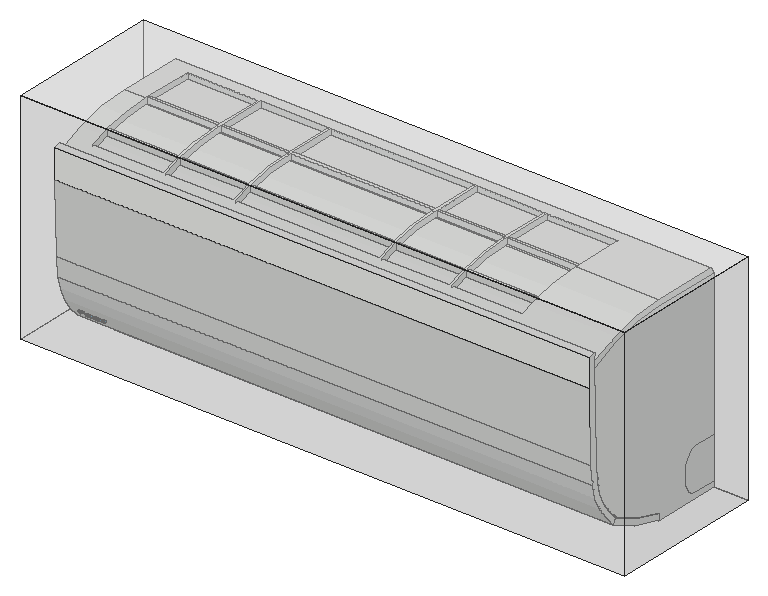
Revit family "outputfile", category 機械設備, Revit 2024
Family settings
  丸型コネクタ寸法 = 半径を使用
  パーツ タイプ = 標準
  OmniClass 番号 = 23.75.10.24.21.27.27
  OmniClass タイトル = Split System Air Conditioning Units
  作業面ベース = いいえ
  常に垂直 = はい
  ロード時にボイドで切り取り = いいえ
  注釈の向きを維持 = いいえ
  共有 = いいえ
  部屋計算ポイント = いいえ
Parameters (values of type "FTKF46T2VMA")
  Description = ""
  書き出し IFC クラス(タイプ) = "IfcUnitaryEquipmentType"
  定義済み IFC タイプ(タイプ) = "AIRCONDITIONINGUNIT"
  Cost = 0
  Type Comments = ""
  Keynote = ""
  Type Image = (empty or 0)
  Assembly Code = ""
  w_wall hole = if(Width = 770.0 mm, 48.0 mm, 60.0 mm)  # 48.0 mm
  製造元 = "Daikin"
  モデル = "FTKF46T2VMA"
  switch_frequency = yes
  r_Liquid Pipe Size = Liquid Pipe Size / 2  # 3.2 mm
  r_Gas Pipe Size = Gas Pipe Size / 2  # 6.35 mm
  r_Drain Pipe Size = Drain Pipe Size / 2  # 8.0 mm
  lw_powersupply [instance] = if(Width = 770.0 mm, if(or(Rear Right Connection_refrigerant, Bottom Right Connection_refrigerant), 25.0 mm, if(or(Rear Left Connection_refrigerant, Bottom Left Connection_refrigerant), 745.0 mm, 400.0 mm)), if(Width = 990.0 mm, if(or(Rear Right Connection_refrigerant, Bottom Right Connection_refrigerant), 40.0 mm, if(or(Rear Left Connection_refrigerant, Bottom Left Connection_refrigerant), 920.0 mm, 400.0 mm)), if(or(Rear Right Connection_refrigerant, Bottom Right Connection_refrigerant), 40.0 mm, if(or(Rear Left Connection_refrigerant, Bottom Left Connection_refrigerant), 920.0 mm, 400.0 mm))))  # 400.0 mm
  lw_liquidpipe [instance] = if(Width = 770.0 mm, if(or(Rear Right Connection_refrigerant, Bottom Right Connection_refrigerant), 0.0 mm, if(or(Rear Left Connection_refrigerant, Bottom Left Connection_refrigerant), 664.0 mm, 385.0 mm)), if(Width = 990.0 mm, if(or(Rear Right Connection_refrigerant, Bottom Right Connection_refrigerant), 0.0 mm, if(or(Rear Left Connection_refrigerant, Bottom Left Connection_refrigerant), 664.0 mm + (990.0 mm - 770.0 mm), 475.0 mm)), if(or(Rear Right Connection_refrigerant, Bottom Right Connection_refrigerant), 0.0 mm, if(or(Rear Left Connection_refrigerant, Bottom Left Connection_refrigerant), 664.0 mm + (990.0 mm - 770.0 mm), 475.0 mm))))  # 385.0 mm
  lw_gaspipe [instance] = if(Width = 770.0 mm, if(or(Rear Right Connection_refrigerant, Bottom Right Connection_refrigerant), 0.0 mm, if(or(Rear Left Connection_refrigerant, Bottom Left Connection_refrigerant), 675.0 mm, if(Gas Pipe Size = 12.7 mm, 345.0 mm, 335.0 mm))), if(Width = 990.0 mm, if(or(Rear Right Connection_refrigerant, Bottom Right Connection_refrigerant), 10.0 mm, if(or(Rear Left Connection_refrigerant, Bottom Left Connection_refrigerant), 890.0 mm, if(Gas Pipe Size = 15.9 mm, 400.0 mm, 400.0 mm))), if(or(Rear Right Connection_refrigerant, Bottom Right Connection_refrigerant), 10.0 mm, if(or(Rear Left Connection_refrigerant, Bottom Left Connection_refrigerant), 890.0 mm, if(Gas Pipe Size = 15.9 mm, 400.0 mm, 400.0 mm)))))  # 345.0 mm
  lw_drainpipe [instance] = if(Width = 770.0 mm, if(or(Rear Right Connection_refrigerant, Bottom Right Connection_refrigerant), 0.0 mm, if(or(Rear Left Connection_refrigerant, Bottom Left Connection_refrigerant), 770.0 mm - 48.0 mm - 48.0 mm, 440.0 mm)), if(Width = 990.0 mm, if(or(Rear Right Connection_refrigerant, Bottom Right Connection_refrigerant), 0.0 mm, if(or(Rear Left Connection_refrigerant, Bottom Left Connection_refrigerant), 675.0 mm + (990.0 mm - 770.0 mm), 435.0 mm)), if(or(Rear Right Connection_refrigerant, Bottom Right Connection_refrigerant), 0.0 mm, if(or(Rear Left Connection_refrigerant, Bottom Left Connection_refrigerant), 675.0 mm + (990.0 mm - 770.0 mm), 435.0 mm))))  # 440.0 mm
  l_powersupply_length [instance] = if(Width = 770.0 mm, if(Right Connection_refrigerant, 400.0 mm, if(Left Connection_refrigerant, 770.0 mm - 400.0 mm, if(or(Rear Left Connection_refrigerant, Rear Right Connection_refrigerant), 15.0 mm, 50.0 mm))), if(Width = 990.0 mm, if(Right Connection_refrigerant, 400.0 mm, if(Left Connection_refrigerant, 990.0 mm - 400.0 mm, if(or(Rear Left Connection_refrigerant, Rear Right Connection_refrigerant), 15.0 mm, 50.0 mm))), if(Right Connection_refrigerant, 400.0 mm, if(Left Connection_refrigerant, 990.0 mm - 400.0 mm, if(or(Rear Left Connection_refrigerant, Rear Right Connection_refrigerant), 15.0 mm, 50.0 mm)))))  # 400.0 mm
  l_liquidpipe_length [instance] = if(Width = 770.0 mm, if(Right Connection_refrigerant, 433.0 mm, if(Left Connection_refrigerant, 337.0 mm, if(or(Rear Left Connection_refrigerant, Rear Right Connection_refrigerant), 30.0 mm, 40.0 mm))), if(Width = 990.0 mm, if(Right Connection_refrigerant, 535.0 mm, if(Left Connection_refrigerant, 455.0 mm, if(or(Rear Left Connection_refrigerant, Rear Right Connection_refrigerant), 30.0 mm, 40.0 mm))), if(Right Connection_refrigerant, 535.0 mm, if(Left Connection_refrigerant, 455.0 mm, if(or(Rear Left Connection_refrigerant, Rear Right Connection_refrigerant), 30.0 mm, 40.0 mm)))))  # 433.0 mm
  l_gaspipe_length [instance] = if(Width = 770.0 mm, if(Right Connection_refrigerant, if(Gas Pipe Size = 12.7 mm, 393.0 mm, 383.0 mm), if(Left Connection_refrigerant, if(Gas Pipe Size = 12.7 mm, 770.0 mm - 393.0 mm, 770.0 mm - 383.0 mm), if(or(Rear Left Connection_refrigerant, Rear Right Connection_refrigerant), 40.0 mm, 50.0 mm))), if(Width = 990.0 mm, if(Right Connection_refrigerant, if(Gas Pipe Size = 15.9 mm, 460.0 mm, 460.0 mm), if(Left Connection_refrigerant, if(Gas Pipe Size = 15.9 mm, 990.0 mm - 460.0 mm, 990.0 mm - 460.0 mm), if(or(Rear Left Connection_refrigerant, Rear Right Connection_refrigerant), 40.0 mm, 50.0 mm))), if(Right Connection_refrigerant, if(Gas Pipe Size = 15.9 mm, 460.0 mm, 460.0 mm), if(Left Connection_refrigerant, if(Gas Pipe Size = 15.9 mm, 990.0 mm - 460.0 mm, 990.0 mm - 460.0 mm), if(or(Rear Left Connection_refrigerant, Rear Right Connection_refrigerant), 40.0 mm, 50.0 mm)))))  # 393.0 mm
  l_drainpipe_length [instance] = if(Width = 770.0 mm, if(Right Connection_refrigerant, 488.0 mm, if(Left Connection_refrigerant, 282.0 mm, if(or(Rear Left Connection_refrigerant, Rear Right Connection_refrigerant), 15.0 mm, 20.0 mm))), if(Width = 990.0 mm, if(Right Connection_refrigerant, 495.0 mm, if(Left Connection_refrigerant, 495.0 mm, if(or(Rear Left Connection_refrigerant, Rear Right Connection_refrigerant), 15.0 mm, 20.0 mm))), if(Right Connection_refrigerant, 495.0 mm, if(Left Connection_refrigerant, 495.0 mm, if(or(Rear Left Connection_refrigerant, Rear Right Connection_refrigerant), 15.0 mm, 20.0 mm)))))  # 488.0 mm
  h*** = 0.0 mm  # constant formula
  connector_voltage = Voltage_50Hz  # 230 V
  connector_powerinput = [Power Input (Cooling)]  # 0.000 kW
  connector_phase = Phase_50Hz  # 1
  angle_vertical [instance] = if(or(Bottom Left Connection_refrigerant, Bottom Right Connection_refrigerant), 0.00°, 90.00°)  # 90.00°
  angle_horizontal [instance] = if(Right Connection_refrigerant, 90.00°, if(Left Connection_refrigerant, -90.00°, if(or(Rear Left Connection_refrigerant, Rear Right Connection_refrigerant), 180.00°, 0.00°)))  # 90.00°
  Width = 770.0 mm
  Voltage_comment_50Hz = "220 - 240"
  Voltage_50Hz = 230 V
  Version = "ver.1.0"
  Unit Type = "Wall Mounted"
  Unit Mass Weight = 9.00 kg
  Unit Designation [instance] = ""
  Uniclass2015Version = "Products v1.30"
  Uniclass2015Title = "Split coil room air conditioning units"
  Uniclass2015Code = "Pr_70_65_03_86"
  URL = ""
  Total Cooling Capacity [instance] = 0.000 kW
  Sound Pressure Level_M speed (dBA) = 39
  Sound Pressure Level_L speed (dBA) = 35
  Sound Pressure Level_H speed (dBA) = 44
  Sound Power Level_H speed (dB) = 0
  Series = "Single Split_Fan Coil Unit"
  Sensible Cooling Capacity [instance] = 0.000 kW
  Refrigerant Type = "R32"
  Power Input (Cooling) = 0.000 kW
  Phase_50Hz = 1
  Option Accessory 3 [instance] = ""
  Option Accessory 2 [instance] = ""
  Option Accessory 1 [instance] = ""
  Nominal Cooling Capacity = 4.600 kW
  Minimum Circuit Amps_50Hz = 0.0 A
  Minimum Airflow = 516.00 m³/h
  Median Airflow = 612.00 m³/h
  Maximum Fuse Amps_50Hz = 0.0 A
  Maximum Airflow = 714.00 m³/h
  Material_Casing = DAIKIN_PureWhite_Casing_indoorunit
  Load Classification = HVAC
  Liquid Pipe Size = 6.4 mm
  Link_Nested Family [instance] = ""
  IfcVersion = ""
  IfcExportType = "AIRCONDITIONINGUNIT"
  IfcExportAs = "IfcUnitaryEquipmentType"
  Height = 285.0 mm
  Heat Exchanger Type = "Cross Fin Coil"
  Gas Pipe Size = 12.7 mm
  Frequency_50Hz = 50 Hz
  Fan Type = "Cross Flow Fan"
  Fan Drive = "Direct Drive"
  FCU Tag No. [instance] = ""
  Drain Pipe Size = 16.0 mm
  Design Supply Airflow [instance] = 0.00 m³/h
  Depth = 223.0 mm
  既定の高さ = 0.0 mm
  Cooling Entering Wet Bulb Temperature [instance] = 0.00 °C
  Cooling Entering Dry Bulb Temperature [instance] = 0.00 °C
  Cooling Ambient Wet Bulb Temperature [instance] = 0.00 °C
  Cooling Ambient Dry Bulb Temperature [instance] = 0.00 °C
  Clearance visibility [instance] = yes
  Clearance Top = 30.0 mm
  Clearance Right = 50.0 mm
  Clearance Rear = 0.0 mm
  Clearance Left = 50.0 mm
  Clearance Front = 0.0 mm
  Clearance Bottom = 0.0 mm
  Bottom Right Connection_refrigerant [instance] = no
  Bottom Left Connection_refrigerant [instance] = no
  Rear Right Connection_refrigerant [instance] = no
  Rear Left Connection_refrigerant [instance] = no
  Right Connection_refrigerant [instance] = yes
  Left Connection_refrigerant [instance] = no
Reference planes
  plane 1 "Back": y = 0
  plane 2: z = 0
  plane 3 "Center (Left/Right)": x = 0
  plane 4 "Center (Front/Back)": y = -111.5
  plane 5 "Front": y = -223
  plane 6 "Left": x = -385
  plane 7 "Right": x = 385
  plane 8 "Top": z = 0
  plane 9 "Bottom": z = -285
  plane 10: x = -435
  plane 11: x = 435
  plane 12: y = 0
  plane 13: y = -223
  plane 14: z = 30
  plane 15: z = -285
  plane 16 "lw_Piping and Wiring intake": x = 337
  plane 17 "lw_gaspipe": x = -8
  plane 18 "lw_liquidpipe": x = -48
  plane 19 "lw_drainpipe": x = -103
  plane 20 "lh_drainpipe": z = -265
  plane 21 "lh_liquidpipe": z = -245
  plane 22 "lh_gaspipe": z = -235
  plane 23 "ld_drainpipe": y = -15
  plane 24 "ld_liquidpipe": y = -30
  plane 25 "ld_gaspipe": y = -40
  plane 26 "lw_powersupply": x = -15
Dimensions and locks
  equal spacing: plane 6 "Left", plane 3 "Center (Left/Right)", plane 7 "Right"
  "Width": plane 6 "Left" to plane 7 "Right"
  equal spacing: plane 5 "Front", plane 4 "Center (Front/Back)", plane 1 "Back"
  "Depth": plane 5 "Front" to plane 1 "Back"
  "Height": plane 8 "Top" to plane 9 "Bottom"
  "Clearance Rear": plane 12 to plane 1 "Back"
  "Clearance Front": plane 13 to plane 5 "Front"
  "Clearance Top": plane 14 to plane 8 "Top"
  "Clearance Bottom": plane 9 "Bottom" to plane 15
  "w_wall hole": plane 16 "lw_Piping and Wiring intake" to plane 7 "Right"
  "lw_gaspipe": plane 17 "lw_gaspipe" to plane 16 "lw_Piping and Wiring intake"
  "lw_liquidpipe": plane 18 "lw_liquidpipe" to plane 16 "lw_Piping and Wiring intake"
  "lw_drainpipe": plane 19 "lw_drainpipe" to plane 16 "lw_Piping and Wiring intake"
  locked: plane 20 "lh_drainpipe" to plane 9 "Bottom" at 20
  locked: plane 21 "lh_liquidpipe" to plane 9 "Bottom" at 40
  locked: plane 22 "lh_gaspipe" to plane 9 "Bottom" at 50
  locked: plane 23 "ld_drainpipe" to plane 1 "Back" at 15
  locked: plane 1 "Back" to plane 24 "ld_liquidpipe" at 30
  locked: plane 1 "Back" to plane 25 "ld_gaspipe" at 40
  "lw_powersupply": plane 26 "lw_powersupply" to plane 7 "Right"
  "Clearance Left": plane 10 to plane 6 "Left"
  "Clearance Right": plane 7 "Right" to plane 11
  aligned and locked: level to plane 2
  aligned and locked: plane 12 to nested 1
  aligned and locked: nested 1 to plane 13
  aligned and locked: plane 10 to nested 1
  aligned and locked: plane 11 to nested 1
  aligned and locked: plane 15 to nested 1
  aligned and locked: plane 14 to nested 1
  aligned and locked: plane 17 "lw_gaspipe" to nested 2
  aligned and locked: nested 2 to plane 25 "ld_gaspipe"
  aligned and locked: plane 18 "lw_liquidpipe" to nested 3
  aligned and locked: nested 3 to plane 24 "ld_liquidpipe"
  aligned and locked: plane 19 "lw_drainpipe" to nested 4
  aligned and locked: nested 4 to plane 23 "ld_drainpipe"
  aligned and locked: nested 5 to plane 23 "ld_drainpipe"
  aligned and locked: plane 26 "lw_powersupply" to nested 5
  aligned and locked: level to plane 8 "Top"
  aligned and locked: plane 3 "Center (Left/Right)" to nested 6
  aligned and locked: plane 1 "Back" to nested 6
  aligned and locked: plane 8 "Top" to nested 6
Nested families
  nested 1: "daikin_clearancespace" at (0, -111.5, -127.381), show <- "Clearance visibility", visible <- "Clearance visibility", Link_Nested Family <- "Link_Nested Family", type "daikin_clearancespace"
    with width 870.0 mm, show yes, height 315.0 mm, depth 223.0 mm, Link_Nested Family ""
  nested 2: "daikin_connector_rotate3" at (-8, -40, -235), angle_vertical <- "angle_vertical", angle_horizontal <- "angle_horizontal", length <- "l_gaspipe_length", radius <- "r_Gas Pipe Size", type "daikin_connector_rotate3"
    with show no, radius 6.35 mm, length 393.0 mm, angle_vertical 90.00°, angle_horizontal 90.00°
  nested 3: "daikin_connector_rotate3" at (-48, -30, -245), angle_vertical <- "angle_vertical", angle_horizontal <- "angle_horizontal", radius <- "r_Liquid Pipe Size", length <- "l_liquidpipe_length", type "daikin_connector_rotate3"
    with show no, radius 3.2 mm, length 433.0 mm, angle_vertical 90.00°, angle_horizontal 90.00°
  nested 4: "daikin_connector_rotate3" at (-103, -15, -265), angle_vertical <- "angle_vertical", angle_horizontal <- "angle_horizontal", length <- "l_drainpipe_length", radius <- "r_Drain Pipe Size", type "daikin_connector_rotate3"
    with show no, radius 8.0 mm, length 488.0 mm, angle_vertical 90.00°, angle_horizontal 90.00°
  nested 5: "daikin_connector_rotate3" at (-15, -15, -235), angle_vertical <- "angle_vertical", angle_horizontal <- "angle_horizontal", length <- "l_powersupply_length", type "daikin_connector_rotate3"
    with show no, radius 10.0 mm, length 400.0 mm, angle_vertical 90.00°, angle_horizontal 90.00°
  nested 6: "DAIKIN_indoorunit_FTKF-T2VMA" at (-31, 0, 0), type "FTKF-T2VMA"
Connectors
  piping at (385, -40, -235), diameter 12.7, driven by "r_Gas Pipe Size"
    settings: on nested 2, index 1, connector inside diameter 609.6 mm, connector length 0.0 mm, flow factor 0, pipe flow 0.00 m³/h, pressure drop 0.0 Pa, fitting loss kfactor 0, connector angle 0.00°, fixture units 0, engagement length 0.0 mm, angle of deflection 0.00°, flow configuration 1, flow direction 2, fitting loss method 0, system type 29, joint type 0, gender type 0, connector reference index -1, connector utility 0, adjustable connector no, is connector primary yes, connector description "Refrigerant Gas Piping"
  piping at (385, -30, -245), diameter 6.4, driven by "r_Liquid Pipe Size"
    settings: on nested 3, index 2, connector inside diameter 609.6 mm, connector length 0.0 mm, flow factor 0, pipe flow 0.00 m³/h, pressure drop 0.0 Pa, fitting loss kfactor 0, connector angle 0.00°, fixture units 0, engagement length 0.0 mm, angle of deflection 0.00°, flow configuration 1, flow direction 1, fitting loss method 0, system type 29, joint type 0, gender type 0, connector reference index -1, connector utility 0, adjustable connector no, is connector primary no, connector description "Refrigerant Liquid Piping"
  piping at (385, -15, -265), diameter 16, driven by "r_Drain Pipe Size"
    settings: on nested 4, index 3, connector inside diameter 609.6 mm, connector length 0.0 mm, flow factor 0, pipe flow 0.00 m³/h, pressure drop 0.0 Pa, fitting loss kfactor 0, connector angle 0.00°, fixture units 0, engagement length 0.0 mm, angle of deflection 0.00°, flow configuration 1, flow direction 2, fitting loss method 4, system type 16, joint type 0, gender type 0, connector reference index -1, connector utility 0, adjustable connector no, is connector primary no, connector description "Condensate Drain Piping"
  electrical at (385, -15, -235), driven by "Load Classification", driven by "connector_voltage", driven by "connector_powerinput", driven by "connector_phase"
    settings: on nested 5, index 4, voltage 230 V, apparent load 0 VA, apparent load phase1 0 VA, apparent load phase2 0 VA, apparent load phase3 0 VA, power factor 1, load classification "HVAC", number of poles 1, system type 30, power factor state 1, is connector primary yes, connector utility no, sub classification motor no, connector description "Power Supply"
Definition of nested family "daikin_clearancespace"
  Parameters (values of type "daikin_clearancespace")
    Description = "daikin_clearancespace"
    width [instance] = 1823.963 mm
    show [instance] = yes
    material = none
    height [instance] = 1359.762 mm
    depth [instance] = 880.0 mm
    Default Elevation = 0.0 mm
    Link_Nested Family [instance] = ""
  Reference planes
    plane 1 "Center (Front/Back)": y = 0
    plane 2 "Center (Elevation)": z = -0.119
    plane 3 "Center (Left/Right)": x = 0
    plane 4: y = 440
    plane 5: y = -440
    plane 6 "Right": x = 911.982
    plane 7 "Left": x = -911.982
    plane 8 "Top": z = 679.762
    plane 9 "Bottom": z = -680
  Forms (mm)
    Extrusion 1, solid, material <- "material", visible <- "show"
      sketch origin (0, 0, 0) x (1, 0, 0) y (0, 1, 0)
        loop
          line (-911.982, 440) -> (-911.982, -440) -> (911.982, -440) -> (911.982, 440) -> (-911.982, 440)
      from -680 to 679.762
  Lines and regions (mm)
    symbolic lines, visible <- "show"
      curve 1: line (911.982, 440, 0) -> (-911.982, 440, 0)
      curve 2: line (-911.982, 440, 0) -> (-911.982, -440, 0)
      curve 3: line (-911.982, -440, 0) -> (911.982, -440, 0)
      curve 4: line (911.982, -440, 0) -> (911.982, 440, 0)
      curve 5: line (911.982, 0, 679.762) -> (-911.982, 0, 679.762)
      curve 6: line (911.982, 0, -680) -> (911.982, 0, 679.762)
      curve 7: line (-911.982, 0, -680) -> (911.982, 0, -680)
      curve 8: line (-911.982, 0, 679.762) -> (-911.982, 0, -680)
      curve 9: line (0, 440, 679.762) -> (0, -440, 679.762)
      curve 10: line (0, -440, 679.762) -> (0, -440, -680)
      curve 11: line (0, 440, -680) -> (0, 440, 679.762)
      curve 12: line (0, -440, -680) -> (0, 440, -680)
  Dimensions and locks
    "width": plane 7 "Left" to plane 6 "Right"
    "depth": plane 4 to plane 5
    "height": plane 8 "Top" to plane 9 "Bottom"
    equal spacing: plane 7 "Left", plane 3 "Center (Left/Right)", plane 6 "Right"
    equal spacing: plane 4, plane 1 "Center (Front/Back)", plane 5
    equal spacing: plane 8 "Top", plane 2 "Center (Elevation)", plane 9 "Bottom"
    aligned and locked: level to plane 2 "Center (Elevation)"
    aligned and locked: Extrusion 1 sketch curve to plane 4
    aligned and locked: plane 7 "Left" to Extrusion 1 sketch curve
    aligned and locked: Extrusion 1 sketch curve to plane 5
    aligned and locked: Extrusion 1 sketch curve to plane 6 "Right"
    aligned and locked: plane 8 "Top" to Extrusion 1
    aligned and locked: curve 1 to Extrusion 1
    aligned and locked: curve 2 to Extrusion 1
    aligned and locked: curve 3 to Extrusion 1
    aligned and locked: curve 4 to Extrusion 1
    aligned and locked: curve 5 to Extrusion 1
    aligned and locked: curve 6 to Extrusion 1
    aligned and locked: curve 7 to Extrusion 1
    aligned and locked: curve 8 to Extrusion 1
    aligned and locked: curve 9 to Extrusion 1
    aligned and locked: curve 10 to Extrusion 1
    aligned and locked: curve 11 to Extrusion 1
    aligned and locked: curve 12 to Extrusion 1
    aligned and locked: Extrusion 1 to plane 9 "Bottom"
Definition of nested family "DAIKIN_indoorunit_FTKF-T2VMA"
  Parameters (values of type "FTKF-TVMA")
    switch_unit1_60-71 = Width = 990.0 mm  # no
    switch_unit1_20-50 = Width = 770.0 mm  # yes
    Width = 770.0 mm
    WALL HOLE-R = if(Width = 770.0 mm, 48.0 mm, 60.0 mm)  # 48.0 mm
    WALL HOLE Size = if(Width = 770.0 mm, 65.0 mm, 80.0 mm)  # 65.0 mm
    Material_Casing = none
    Height = if(Width = 770.0 mm, 285.0 mm, 295.0 mm)  # 285.0 mm
    Default Elevation = 0.0 mm
  Reference planes
    plane 1 "Center (Front/Back)": y = 0
    plane 2 "reference_level": z = 0
    plane 3 "Center (Left/Right)": x = 31
    plane 4: x = -354
    plane 5: x = 416
    plane 6: z = -285
  Forms (mm)
    Extrusion 1, solid, material <- "Material_Casing", visible <- "switch_unit1_20-50"
      sketch origin (29, 0, 0) x (0, 1, 0) y (0, 0, 1)
        loop
          line (-5, 0) -> (-98, 0)
          arc (-98, 0) -> (-157.611, -7.211) -> (-213.783, -28.427) r 250
          arc (-213.783, -28.427) -> (-213.842, -32.972) -> (-213.892, -37.516) r 2191
          arc (-213.892, -37.516) -> (-157.832, -15.495) -> (-98.07, -8) r 242
          line (-98.07, -8) -> (0, -8) -> (-5, 0)
      from -383 to 387
    Extrusion 2, solid, material <- "Material_Casing", visible <- "switch_unit1_20-50"
      sketch origin (416, 1296.25, 1200) x (0, 1, 0) y (0, 0, 1)
        loop
          line (-1472.998, -1446.91) -> (-1476.998, -1453.839)
          arc (-1476.998, -1453.839) -> (-1437.481, -1472.422) -> (-1395.25, -1483.538) r 240
          line (-1395.25, -1483.538) -> (-1395.25, -1475.422)
          arc (-1395.25, -1475.422) -> (-1435.407, -1464.663) -> (-1472.998, -1446.91) r 232
      from 0 to -47.5
    Extrusion 3, solid, material <- "Material_Casing", visible <- "switch_unit1_20-50"
      sketch origin (29, 0, 0) x (0, 1, 0) y (0, 0, 1)
        loop
          arc (-223, -60.455) -> (-222.414, -110.646) -> (-220.656, -160.81) r 2149.92
          arc (-220.656, -160.81) -> (-219.65, -174.299) -> (-217.853, -187.706) r 229.911
          arc (-217.853, -187.706) -> (-205.371, -223.594) -> (-181.517, -253.17) r 111
          line (-181.517, -253.17) -> (-177.429, -246.093)
          arc (-177.429, -246.093) -> (-198.77, -218.989) -> (-209.965, -186.36) r 103
          arc (-209.965, -186.36) -> (-211.681, -173.586) -> (-212.651, -160.735) r 221.844
          arc (-212.651, -160.735) -> (-214.739, -93.233) -> (-214.74, -25.699) r 2186.828
          arc (-214.74, -25.699) -> (-214.671, -21.467) -> (-214.594, -17.235) r 2192
          line (-214.594, -17.235) -> (-223, -19.961) -> (-223, -60.455)
      from -383 to 387
    Extrusion 4, solid, material <- "Material_Casing", visible <- "switch_unit1_20-50"
      sketch origin (29, 0, -20) x (0, 1, 0) y (0, 0, 1)
        loop
          line (0, -265) -> (0, 12) -> (-98.07, 12)
          arc (-98.07, 12) -> (-157.832, 4.505) -> (-213.892, -17.516) r 242
          arc (-213.892, -17.516) -> (-213.638, -79.114) -> (-211.653, -140.681) r 2191
          arc (-211.653, -140.681) -> (-210.685, -153.501) -> (-208.973, -166.243) r 221
          arc (-208.973, -166.243) -> (-197.471, -199.282) -> (-175.482, -226.491) r 102
          arc (-175.482, -226.491) -> (-138.004, -244.019) -> (-98, -254.579) r 231
          line (-98, -254.579) -> (-98, -265) -> (0, -265)
      from -383 to 387
    Extrusion 5, solid, material <- "Material_Casing", visible <- "switch_unit1_20-50"
      sketch origin (-354, 1296.25, 1200) x (0, 1, 0) y (0, 0, 1)
        loop
          line (-1472.998, -1446.91) -> (-1476.998, -1453.839)
          arc (-1476.998, -1453.839) -> (-1437.481, -1472.422) -> (-1395.25, -1483.538) r 240
          line (-1395.25, -1483.538) -> (-1395.25, -1475.422)
          arc (-1395.25, -1475.422) -> (-1435.407, -1464.663) -> (-1472.998, -1446.91) r 232
      from 47 to 0
    Extrusion 6, solid, material <- "Material_Casing", visible <- "switch_unit1_20-50"
      sketch origin (416, 1296.25, 1200) x (0, 1, 0) y (0, 0, 1)
        loop
          line (-1472.998, -1446.91) -> (-1476.998, -1453.839)
          arc (-1476.998, -1453.839) -> (-1443.437, -1470.168) -> (-1407.75, -1481.097) r 240
          line (-1407.75, -1481.097) -> (-1407.75, -1472.894)
          arc (-1407.75, -1472.894) -> (-1441.363, -1462.385) -> (-1472.998, -1446.91) r 232
      from -116.993 to -48.493
    Extrusion 7, solid, material <- "Material_Casing", visible <- "switch_unit1_20-50"
      sketch origin (416, 1296.25, 1200) x (0, 1, 0) y (0, 0, 1)
        loop
          line (-1472.998, -1446.91) -> (-1476.998, -1453.839)
          arc (-1476.998, -1453.839) -> (-1443.437, -1470.168) -> (-1407.75, -1481.097) r 240
          line (-1407.75, -1481.097) -> (-1407.75, -1472.894)
          arc (-1407.75, -1472.894) -> (-1441.363, -1462.385) -> (-1472.998, -1446.91) r 232
      from -717 to -121.993
    Extrusion 8, void
      sketch origin (31, 0, -235) x (1, 0, 0) y (0, 1, 0)
        loop
          line (-252.674, -22.316) -> (-354.941, -22.316) -> (-354.941, -91.341) -> (-252.674, -91.341) -> (-252.674, -22.316)
        loop
          line (-249.341, -91.341) -> (-151.574, -91.341) -> (-151.574, -22.316) -> (-249.341, -22.316) -> (-249.341, -91.341)
        loop
          line (58.309, -22.316) -> (-148.309, -22.316) -> (-148.309, -91.341) -> (58.309, -91.341) -> (58.309, -22.316)
        loop
          line (61.689, -22.316) -> (61.689, -91.341) -> (159.457, -91.341) -> (159.457, -22.316) -> (61.689, -22.316)
        loop
          line (162.789, -22.316) -> (162.789, -91.341) -> (265.057, -91.341) -> (265.057, -22.316) -> (162.789, -22.316)
        loop
          line (-354.941, -94.659) -> (-354.941, -165.259) -> (-252.674, -165.259) -> (-252.674, -94.659) -> (-354.941, -94.659)
        loop
          line (-249.341, -94.659) -> (-249.341, -165.259) -> (-151.574, -165.259) -> (-151.574, -94.659) -> (-249.341, -94.659)
        loop
          line (-148.309, -94.659) -> (-148.309, -165.259) -> (58.309, -165.259) -> (58.309, -94.659) -> (-148.309, -94.659)
        loop
          line (61.689, -94.659) -> (61.689, -165.259) -> (159.457, -165.259) -> (159.457, -94.659) -> (61.689, -94.659)
        loop
          line (162.789, -94.659) -> (162.789, -165.259) -> (265.057, -165.259) -> (265.057, -94.659) -> (162.789, -94.659)
        loop
          line (-354.941, -167.382) -> (-354.941, -192.681) -> (-252.674, -192.681) -> (-252.674, -167.382) -> (-354.941, -167.382)
        loop
          line (-249.341, -167.382) -> (-249.341, -192.681) -> (-151.574, -192.681) -> (-151.574, -167.382) -> (-249.341, -167.382)
        loop
          line (-148.309, -167.382) -> (-148.309, -192.681) -> (58.309, -192.681) -> (58.309, -167.382) -> (-148.309, -167.382)
        loop
          line (159.457, -167.382) -> (61.689, -167.382) -> (61.689, -192.681) -> (159.457, -192.681) -> (159.457, -167.382)
        loop
          line (265.057, -167.382) -> (162.789, -167.382) -> (162.789, -192.681) -> (265.057, -192.681) -> (265.057, -167.382)
      from 201.638 to 250
    Extrusion 9, solid, material <- "Material_Casing"
      sketch origin (31, 0, 0) x (1, 0, 0) y (0, 0, 1)
        loop
          circle (337, -240.5) r 32.5
        loop
          circle (-337, -240.5) r 32.5
      from 0 to 5
    Extrusion 10, solid, material <- "Material_Casing", visible <- "switch_unit1_20-50"
      sketch origin (416, 1296.25, 1200) x (0, -1, 0) y (0, 0, 1)
        loop
          line (1326.25, -1417) -> (1296.25, -1417) -> (1296.25, -1477) -> (1326.25, -1477)
          arc (1326.25, -1477) -> (1340.393, -1471.142) -> (1346.25, -1457) r 20
          line (1346.25, -1457) -> (1346.25, -1437)
          arc (1346.25, -1437) -> (1340.393, -1422.858) -> (1326.25, -1417) r 20
      from 0 to 5
    Extrusion 11, solid, material <- "Material_Casing", visible <- "switch_unit1_20-50"
      sketch origin (-354, 1296.25, 1200) x (0, 1, 0) y (0, 0, 1)
        loop
          line (-1296.25, -1417) -> (-1326.25, -1417)
          arc (-1326.25, -1417) -> (-1340.393, -1422.858) -> (-1346.25, -1437) r 20
          line (-1346.25, -1437) -> (-1346.25, -1457)
          arc (-1346.25, -1457) -> (-1340.393, -1471.142) -> (-1326.25, -1477) r 20
          line (-1326.25, -1477) -> (-1296.25, -1477) -> (-1296.25, -1417)
      from 0 to 5
    Extrusion 12, solid, material <- "Material_Casing", visible <- "switch_unit1_20-50"
      sketch origin (31, 0, -285) x (-1, 0, 0) y (0, -1, 0)
        loop
          line (-314, 0) -> (-314, 30)
          arc (-314, 30) -> (-319.858, 44.142) -> (-334, 50) r 20
          line (-334, 50) -> (-354, 50)
          arc (-354, 50) -> (-368.142, 44.142) -> (-374, 30) r 20
          line (-374, 30) -> (-374, 0) -> (-314, 0)
        loop
          line (374, 0) -> (374, 30)
          arc (374, 30) -> (368.142, 44.142) -> (354, 50) r 20
          line (354, 50) -> (334, 50)
          arc (334, 50) -> (319.858, 44.142) -> (314, 30) r 20
          line (314, 30) -> (314, 0) -> (374, 0)
      from 0 to 5
    Extrusion 13, solid, material <- "Material_Casing", visible <- "switch_unit1_60-71"
      sketch origin (31, 0, 0) x (0, 1, 0) y (0, 0, 1)
        loop
          line (-5, 0) -> (-138, 0)
          arc (-138, 0) -> (-197.611, -7.211) -> (-253.783, -28.427) r 250
          arc (-253.783, -28.427) -> (-253.838, -32.687) -> (-253.886, -36.946) r 2191
          arc (-253.886, -36.946) -> (-197.73, -15.346) -> (-138.014, -8) r 246.393
          line (-138.014, -8) -> (0, -8) -> (-5, 0)
      from -495 to 495
    Extrusion 14, solid, material <- "Material_Casing", visible <- "switch_unit1_60-71"
      sketch origin (418, 1296.25, 1200) x (0, 1, 0) y (0, 0, 1)
        loop
          arc (-1515.208, -1454.149) -> (-1506.856, -1460.599) -> (-1497.925, -1466.219) r 110
          arc (-1497.925, -1466.219) -> (-1445.718, -1487.493) -> (-1389.844, -1494.995) r 223
          line (-1389.844, -1494.995) -> (-1389.844, -1486.086) -> (-1404.386, -1486.086)
          arc (-1404.386, -1486.086) -> (-1449.542, -1477.46) -> (-1491.818, -1459.402) r 214.289
          arc (-1491.818, -1459.402) -> (-1501.056, -1453.541) -> (-1509.606, -1446.715) r 101
          line (-1509.606, -1446.715) -> (-1515.208, -1454.149)
      from 108 to 57.5
    Extrusion 15, solid, material <- "Material_Casing", visible <- "switch_unit1_60-71"
      sketch origin (31, 0, 0) x (0, 1, 0) y (0, 0, 1)
        loop
          line (-263, -19.962) -> (-263, -61.6)
          arc (-263, -61.6) -> (-262.414, -110.219) -> (-260.656, -158.81) r 2017.341
          arc (-260.656, -158.81) -> (-255.648, -191.935) -> (-244.041, -223.362) r 164.725
          arc (-244.041, -223.362) -> (-233.569, -239.793) -> (-219.717, -253.495) r 87.379
          line (-219.717, -253.495) -> (-214.706, -246.846)
          arc (-214.706, -246.846) -> (-229.564, -230.029) -> (-240.385, -210.371) r 102
          arc (-240.385, -210.371) -> (-249.049, -182.962) -> (-252.848, -154.467) r 165.789
          arc (-252.848, -154.467) -> (-254.771, -90.102) -> (-254.74, -25.708) r 2122.533
          arc (-254.74, -25.708) -> (-254.671, -21.469) -> (-254.594, -17.23) r 2192
          line (-254.594, -17.23) -> (-263, -19.962)
      from -495 to 495
    Extrusion 16, void
      sketch origin (33, 0, 0) x (1, 0, 0) y (0, 1, 0)
        loop
          line (-466.909, -22.316) -> (-466.909, -111.341) -> (-366.303, -111.341) -> (-366.303, -22.316) -> (-466.909, -22.316)
        loop
          line (-362.71, -22.316) -> (-362.71, -111.341) -> (-262.103, -111.341) -> (-262.103, -22.316) -> (-362.71, -22.316)
        loop
          line (-258.51, -22.316) -> (-258.51, -111.341) -> (-157.904, -111.341) -> (-157.904, -22.316) -> (-258.51, -22.316)
        loop
          line (-154.31, -22.316) -> (-154.31, -111.341) -> (-53.704, -111.341) -> (-53.704, -22.316) -> (-154.31, -22.316)
        loop
          line (-50.11, -22.316) -> (-50.11, -111.341) -> (50.496, -111.341) -> (50.496, -22.316) -> (-50.11, -22.316)
        loop
          line (54.089, -22.316) -> (54.089, -111.341) -> (154.696, -111.341) -> (154.696, -22.316) -> (54.089, -22.316)
        loop
          line (158.289, -22.316) -> (158.289, -111.341) -> (258.895, -111.341) -> (258.895, -22.316) -> (158.289, -22.316)
        loop
          line (262.489, -22.316) -> (262.489, -111.341) -> (363.095, -111.341) -> (363.095, -22.316) -> (262.489, -22.316)
        loop
          line (-466.909, -114.459) -> (-466.909, -185.059) -> (-366.303, -185.059) -> (-366.303, -114.459) -> (-466.909, -114.459)
        loop
          line (-362.71, -114.459) -> (-362.71, -185.059) -> (-262.103, -185.059) -> (-262.103, -114.459) -> (-362.71, -114.459)
        loop
          line (-258.51, -114.459) -> (-258.51, -185.059) -> (-157.904, -185.059) -> (-157.904, -114.459) -> (-258.51, -114.459)
        loop
          line (-154.31, -114.459) -> (-154.31, -185.059) -> (-53.704, -185.059) -> (-53.704, -114.459) -> (-154.31, -114.459)
        loop
          line (-50.11, -114.459) -> (-50.11, -185.059) -> (50.496, -185.059) -> (50.496, -114.459) -> (-50.11, -114.459)
        loop
          line (54.089, -114.459) -> (54.089, -185.059) -> (154.696, -185.059) -> (154.696, -114.459) -> (54.089, -114.459)
        loop
          line (158.289, -114.459) -> (158.289, -185.059) -> (258.895, -185.059) -> (258.895, -114.459) -> (158.289, -114.459)
        loop
          line (262.489, -114.459) -> (262.489, -185.059) -> (363.095, -185.059) -> (363.095, -114.459) -> (262.489, -114.459)
        loop
          line (-466.909, -187.382) -> (-466.909, -232.681) -> (-366.303, -232.681) -> (-366.303, -187.382) -> (-466.909, -187.382)
        loop
          line (-362.71, -187.382) -> (-362.71, -232.681) -> (-262.103, -232.681) -> (-262.103, -187.382) -> (-362.71, -187.382)
        loop
          line (-258.51, -187.382) -> (-258.51, -232.681) -> (-157.904, -232.681) -> (-157.904, -187.382) -> (-258.51, -187.382)
        loop
          line (-154.31, -187.382) -> (-154.31, -232.681) -> (-53.704, -232.681) -> (-53.704, -187.382) -> (-154.31, -187.382)
        loop
          line (-50.11, -187.382) -> (-50.11, -232.681) -> (50.496, -232.681) -> (50.496, -187.382) -> (-50.11, -187.382)
        loop
          line (54.089, -187.382) -> (54.089, -232.681) -> (154.696, -232.681) -> (154.696, -187.382) -> (54.089, -187.382)
        loop
          line (158.289, -187.382) -> (158.289, -232.681) -> (258.895, -232.681) -> (258.895, -187.382) -> (158.289, -187.382)
        loop
          line (262.489, -187.382) -> (262.489, -232.681) -> (363.095, -232.681) -> (363.095, -187.382) -> (262.489, -187.382)
      from -40.013 to 47.268
    Extrusion 17, solid, material <- "Material_Casing", visible <- "switch_unit1_60-71"
      sketch origin (-356, 1296.25, 1200) x (0, 1, 0) y (0, 0, -1)
        loop
          line (-1515.208, 1454.149) -> (-1509.606, 1446.715)
          arc (-1509.606, 1446.715) -> (-1501.056, 1453.541) -> (-1491.818, 1459.402) r 101
          arc (-1491.818, 1459.402) -> (-1449.542, 1477.46) -> (-1404.386, 1486.086) r 214.289
          line (-1404.386, 1486.086) -> (-1389.844, 1486.086) -> (-1389.844, 1494.995)
          arc (-1389.844, 1494.995) -> (-1445.718, 1487.493) -> (-1497.925, 1466.219) r 223
          arc (-1497.925, 1466.219) -> (-1506.856, 1460.599) -> (-1515.208, 1454.149) r 110
      from 108 to 61
    Extrusion 18, solid, material <- "Material_Casing", visible <- "switch_unit1_60-71"
      sketch origin (418, 1296.25, 1200) x (0, 1, 0) y (0, 0, 1)
        loop
          arc (-1515.208, -1454.149) -> (-1506.856, -1460.599) -> (-1497.925, -1466.219) r 110
          arc (-1497.925, -1466.219) -> (-1463.185, -1482.066) -> (-1426.25, -1491.755) r 223
          line (-1426.25, -1491.755) -> (-1426.25, -1483.166)
          arc (-1426.25, -1483.166) -> (-1460.008, -1473.969) -> (-1491.818, -1459.402) r 214.289
          arc (-1491.818, -1459.402) -> (-1501.056, -1453.541) -> (-1509.606, -1446.715) r 101
          line (-1509.606, -1446.715) -> (-1515.208, -1454.149)
      from 56.5 to -36.993
    Extrusion 19, solid, material <- "Material_Casing", visible <- "switch_unit1_60-71"
      sketch origin (418, 1296.25, 1200) x (0, 1, 0) y (0, 0, 1)
        loop
          arc (-1426.25, -1483.166) -> (-1443.442, -1479.224) -> (-1460.25, -1473.881) r 214.289
          line (-1460.25, -1473.881) -> (-1460.25, -1483.089)
          arc (-1460.25, -1483.089) -> (-1443.421, -1488.091) -> (-1426.25, -1491.755) r 223
          line (-1426.25, -1491.755) -> (-1426.25, -1483.166)
      from -43.493 to -828.893
    Extrusion 20, solid, material <- "Material_Casing", visible <- "switch_unit1_60-71"
      sketch origin (418, 1296.25, 1200) x (0, 1, 0) y (0, 0, 1)
        loop
          arc (-1515.208, -1454.149) -> (-1506.856, -1460.599) -> (-1497.925, -1466.219) r 110
          arc (-1497.925, -1466.219) -> (-1479.479, -1475.527) -> (-1460.25, -1483.089) r 223
          line (-1460.25, -1483.089) -> (-1460.25, -1473.881)
          arc (-1460.25, -1473.881) -> (-1476.328, -1467.282) -> (-1491.818, -1459.402) r 214.289
          arc (-1491.818, -1459.402) -> (-1501.056, -1453.541) -> (-1509.606, -1446.715) r 101
          line (-1509.606, -1446.715) -> (-1515.208, -1454.149)
      from -43.493 to -828.893
    Extrusion 21, solid, material <- "Material_Casing", visible <- "switch_unit1_60-71"
      sketch origin (31, 0, -30) x (0, 1, 0) y (0, 0, 1)
        loop
          line (0, 22) -> (-138.014, 22)
          arc (-138.014, 22) -> (-197.73, 14.654) -> (-253.886, -6.946) r 246.393
          arc (-253.886, -6.946) -> (-253.682, -65.635) -> (-251.855, -124.295) r 2120.935
          arc (-251.855, -124.295) -> (-248.086, -152.682) -> (-239.461, -179.988) r 164.789
          arc (-239.461, -179.988) -> (-228.903, -199.231) -> (-214.437, -215.738) r 101
          line (-214.437, -215.738) -> (-212.406, -216.221)
          arc (-212.406, -216.221) -> (-204.07, -222.837) -> (-195.079, -228.53) r 100
          arc (-195.079, -228.53) -> (-145.557, -248.629) -> (-92.593, -255.785) r 213.289
          line (-92.593, -255.785) -> (-92.593, -265) -> (0, -265) -> (0, 22)
      from -495 to 495
    Extrusion 22, solid, material <- "Material_Casing", visible <- "switch_unit1_60-71"
      sketch origin (526, 1296.25, 1200) x (0, -1, 0) y (0, 0, 1)
        loop
          line (1326.25, -1427.035) -> (1296.25, -1427.035) -> (1296.25, -1487.035) -> (1326.25, -1487.035)
          arc (1326.25, -1487.035) -> (1340.393, -1481.177) -> (1346.25, -1467.035) r 20
          line (1346.25, -1467.035) -> (1346.25, -1447.035)
          arc (1346.25, -1447.035) -> (1340.393, -1432.892) -> (1326.25, -1427.035) r 20
      from 0 to 5
    Extrusion 23, solid, material <- "Material_Casing", visible <- "switch_unit1_60-71"
      sketch origin (-459, 1296.25, 1200) x (0, -1, 0) y (0, 0, 1)
        loop
          line (1326.25, -1427.035) -> (1296.25, -1427.035) -> (1296.25, -1487.035) -> (1326.25, -1487.035)
          arc (1326.25, -1487.035) -> (1340.393, -1481.177) -> (1346.25, -1467.035) r 20
          line (1346.25, -1467.035) -> (1346.25, -1447.035)
          arc (1346.25, -1447.035) -> (1340.393, -1432.892) -> (1326.25, -1427.035) r 20
      from 0 to 5
    Extrusion 24, solid, material <- "Material_Casing", visible <- "switch_unit1_60-71"
      sketch origin (31, 200, -295) x (-1, 0, 0) y (0, -1, 0)
        loop
          line (469, 200) -> (469, 230)
          arc (469, 230) -> (463.142, 244.142) -> (449, 250) r 20
          line (449, 250) -> (429, 250)
          arc (429, 250) -> (414.858, 244.142) -> (409, 230) r 20
          line (409, 230) -> (409, 200) -> (469, 200)
        loop
          line (-469, 200) -> (-409, 200) -> (-409, 230)
          arc (-409, 230) -> (-414.858, 244.142) -> (-429, 250) r 20
          line (-429, 250) -> (-449, 250)
          arc (-449, 250) -> (-463.142, 244.142) -> (-469, 230) r 20
          line (-469, 230) -> (-469, 200)
      from 0 to 5
  Cuts and joins
    Extrusion 8 cuts Extrusion 1
    Extrusion 16 cuts Extrusion 13
  Lines and regions (mm)
    reference lines
      curve 1: line (-523, -201.911, -229.404) -> (-523, -193.542, -239.977)
      curve 2: line (-523, -240.779, -229.404) -> (-523, -232.411, -239.977)
  Dimensions and locks
    locked: Extrusion 10 sketch curve to Extrusion 10 sketch curve at 60
    locked: Extrusion 10 sketch curve to Extrusion 10 sketch curve at 50
    locked: Extrusion 12 sketch curve to Extrusion 12 sketch curve at 60  (x2)
    locked: Extrusion 12 sketch curve to Extrusion 12 sketch curve at 50
    equal spacing: plane 5, plane 3 "Center (Left/Right)", plane 4
    "Width": plane 5 to plane 4
    locked: Extrusion 9 sketch curve to plane 4 at 48
    "WALL HOLE-R": plane 5 to Extrusion 9 sketch curve
    "Height": plane 2 "reference_level" to plane 6
    locked: Extrusion 9 sketch curve to plane 6 at 44.5  (x2)
    locked: Extrusion 15 to nested 2 at 15
    locked: Extrusion 22 sketch curve to Extrusion 22 sketch curve at 60
    locked: Extrusion 22 sketch curve to Extrusion 22 sketch curve at 50
    locked: Extrusion 23 sketch curve to Extrusion 23 sketch curve at 60
    locked: Extrusion 23 sketch curve to Extrusion 23 sketch curve at 50
    locked: Extrusion 24 sketch curve to Extrusion 24 sketch curve at 60  (x2)
    locked: Extrusion 24 sketch curve to Extrusion 24 sketch curve at 50  (x2)
    "WALL HOLE Size": diameter of Extrusion 9 sketch curve  (x2)
    aligned and locked: level to plane 2 "reference_level"
    aligned and locked: nested 1 to curve 1
    aligned and locked: Extrusion 11 sketch curve to Extrusion 10  (x4)
    aligned and locked: Extrusion 12 sketch curve to Extrusion 12 sketch curve  (x2)
    aligned and locked: Extrusion 9 to plane 1 "Center (Front/Back)"
    aligned and locked: nested 2 to curve 2
  Automatic sketch dimensions
    curve 1 to level = 239.977 mm
    plane 1 "Center (Front/Back)" to curve 1 = 193.542 mm
    curve 2 to curve 1 = 0.0 mm
    curve 2 to curve 2 = 10.573 mm
    curve 1 to curve 1 = 10.573 mm
    curve 1 to curve 1 = 8.368 mm
    curve 1 to curve 2 = 30.5 mm
    curve 2 to curve 2 = 8.368 mm
    Extrusion 1 sketch curve to level = 0.0 mm
    Extrusion 1 sketch curve to plane 1 "Center (Front/Back)" = 0.0 mm
    plane 1 "Center (Front/Back)" to Extrusion 1 sketch curve = 5.0 mm
    plane 1 "Center (Front/Back)" to Extrusion 1 sketch curve = 98.0 mm
    Extrusion 1 sketch curve to Extrusion 1 sketch curve = 0.07 mm
    Extrusion 1 sketch curve to level = 59.292 mm
    Extrusion 1 sketch curve to plane 1 "Center (Front/Back)" = 1977.0 mm
    Extrusion 1 sketch curve to level = 250.0 mm
    Extrusion 1 sketch curve to Extrusion 1 sketch curve = 0.0 mm
    Extrusion 1 sketch curve to level = 8.0 mm
    Extrusion 1 sketch curve to level = 28.427 mm
    plane 1 "Center (Front/Back)" to Extrusion 2 sketch curve = 180.748 mm
    Extrusion 2 sketch curve to Extrusion 2 sketch curve = 4.0 mm
    Extrusion 2 sketch curve to Extrusion 2 sketch curve = 77.747 mm
    plane 1 "Center (Front/Back)" to Extrusion 2 sketch curve = 59.279 mm
    Extrusion 2 sketch curve to Extrusion 2 sketch curve = 0.0 mm
    Extrusion 2 sketch curve to level = 283.538 mm
    Extrusion 2 sketch curve to Extrusion 2 sketch curve = 8.116 mm
    Extrusion 2 sketch curve to Extrusion 2 sketch curve = 21.583 mm
    Extrusion 2 sketch curve to Extrusion 2 sketch curve = 6.929 mm
    Extrusion 3 sketch curve to level = 19.961 mm
    plane 1 "Center (Front/Back)" to Extrusion 3 sketch curve = 223.0 mm
    Extrusion 3 sketch curve to level = 17.235 mm
    Extrusion 3 sketch curve to Extrusion 3 sketch curve = 8.406 mm
    plane 1 "Center (Front/Back)" to Extrusion 3 sketch curve = 181.517 mm
    Extrusion 3 sketch curve to Extrusion 3 sketch curve = 4.087 mm
    Extrusion 3 sketch curve to Extrusion 3 sketch curve = 69.11 mm
    Extrusion 3 sketch curve to Extrusion 3 sketch curve = 0.001 mm
    Extrusion 3 sketch curve to plane 1 "Center (Front/Back)" = 8.955 mm
    Extrusion 3 sketch curve to Extrusion 3 sketch curve = 0.067 mm
    Extrusion 3 sketch curve to level = 60.455 mm
    Extrusion 3 sketch curve to Extrusion 3 sketch curve = 1917.898 mm
    Extrusion 3 sketch curve to Extrusion 3 sketch curve = 44.907 mm
    Extrusion 3 sketch curve to Extrusion 3 sketch curve = 5.172 mm
    Extrusion 3 sketch curve to level = 150.456 mm
    Extrusion 3 sketch curve to Extrusion 3 sketch curve = 0.006 mm
    Extrusion 3 sketch curve to Extrusion 3 sketch curve = 19.265 mm
    Extrusion 3 sketch curve to Extrusion 3 sketch curve = 0.004 mm
    Extrusion 3 sketch curve to Extrusion 3 sketch curve = 76.368 mm
    Extrusion 3 sketch curve to Extrusion 3 sketch curve = 7.077 mm
    Extrusion 3 sketch curve to Extrusion 3 sketch curve = 1.002 mm
    Extrusion 3 sketch curve to Extrusion 3 sketch curve = 0.046 mm
    Extrusion 3 sketch curve to Extrusion 3 sketch curve = 8.005 mm
    Extrusion 3 sketch curve to Extrusion 3 sketch curve = 0.147 mm
    Extrusion 3 sketch curve to Extrusion 3 sketch curve = 0.0 mm
    Extrusion 4 sketch curve to plane 1 "Center (Front/Back)" = 0.0 mm
    plane 1 "Center (Front/Back)" to Extrusion 4 sketch curve = 59.278 mm
    Extrusion 4 sketch curve to Extrusion 4 sketch curve = 98.0 mm
    Extrusion 4 sketch curve to Extrusion 4 sketch curve = 0.0 mm  (x3)
    Extrusion 4 sketch curve to level = 8.0 mm
    Extrusion 4 sketch curve to Extrusion 4 sketch curve = 38.791 mm
    Extrusion 4 sketch curve to Extrusion 4 sketch curve = 10.249 mm
    Extrusion 4 sketch curve to plane 1 "Center (Front/Back)" = 9.11 mm
    Extrusion 4 sketch curve to level = 59.292 mm
    Extrusion 4 sketch curve to Extrusion 4 sketch curve = 1967.89 mm
    Extrusion 4 sketch curve to Extrusion 4 sketch curve = 142.454 mm
    Extrusion 4 sketch curve to Extrusion 4 sketch curve = 19.271 mm
    Extrusion 4 sketch curve to Extrusion 4 sketch curve = 80.275 mm
    Extrusion 4 sketch curve to Extrusion 4 sketch curve = 24.579 mm
    Extrusion 4 sketch curve to Extrusion 4 sketch curve = 10.421 mm
    Extrusion 4 sketch curve to level = 46.847 mm
    Extrusion 4 sketch curve to Extrusion 4 sketch curve = 77.412 mm
    Extrusion 4 sketch curve to Extrusion 4 sketch curve = 33.49 mm
    Extrusion 4 sketch curve to Extrusion 4 sketch curve = 2.68 mm
    plane 1 "Center (Front/Back)" to Extrusion 5 sketch curve = 180.748 mm
    Extrusion 5 sketch curve to Extrusion 5 sketch curve = 4.0 mm
    Extrusion 5 sketch curve to Extrusion 5 sketch curve = 77.747 mm
    plane 1 "Center (Front/Back)" to Extrusion 5 sketch curve = 59.279 mm
    Extrusion 5 sketch curve to Extrusion 5 sketch curve = 0.0 mm
    Extrusion 5 sketch curve to level = 283.538 mm
    Extrusion 5 sketch curve to Extrusion 5 sketch curve = 8.116 mm
    Extrusion 5 sketch curve to Extrusion 5 sketch curve = 21.583 mm
    Extrusion 5 sketch curve to Extrusion 5 sketch curve = 6.929 mm
    plane 1 "Center (Front/Back)" to Extrusion 6 sketch curve = 180.748 mm
    Extrusion 6 sketch curve to Extrusion 6 sketch curve = 4.0 mm
    Extrusion 6 sketch curve to Extrusion 6 sketch curve = 65.247 mm
    plane 1 "Center (Front/Back)" to Extrusion 6 sketch curve = 59.279 mm
    Extrusion 6 sketch curve to Extrusion 6 sketch curve = 0.0 mm
    Extrusion 6 sketch curve to level = 281.097 mm
    Extrusion 6 sketch curve to Extrusion 6 sketch curve = 8.203 mm
    Extrusion 6 sketch curve to Extrusion 6 sketch curve = 19.055 mm
    Extrusion 6 sketch curve to Extrusion 6 sketch curve = 6.929 mm
    plane 1 "Center (Front/Back)" to Extrusion 7 sketch curve = 180.748 mm
    Extrusion 7 sketch curve to Extrusion 7 sketch curve = 4.0 mm
    Extrusion 7 sketch curve to Extrusion 7 sketch curve = 65.247 mm
    plane 1 "Center (Front/Back)" to Extrusion 7 sketch curve = 59.279 mm
    Extrusion 7 sketch curve to Extrusion 7 sketch curve = 0.0 mm
    Extrusion 7 sketch curve to level = 281.097 mm
    Extrusion 7 sketch curve to Extrusion 7 sketch curve = 8.203 mm
    Extrusion 7 sketch curve to Extrusion 7 sketch curve = 19.055 mm
    Extrusion 7 sketch curve to Extrusion 7 sketch curve = 6.929 mm
    plane 1 "Center (Front/Back)" to Extrusion 8 sketch curve = 165.259 mm  (x2)
    Extrusion 8 sketch curve to plane 3 "Center (Left/Right)" = 354.941 mm
    plane 1 "Center (Front/Back)" to Extrusion 8 sketch curve = 22.316 mm  (x3)
    Extrusion 8 sketch curve to Extrusion 8 sketch curve = 0.0 mm  (x26)
    Extrusion 8 sketch curve to Extrusion 8 sketch curve = 102.268 mm  (x2)
    Extrusion 8 sketch curve to Extrusion 8 sketch curve = 3.332 mm  (x4)
    Extrusion 8 sketch curve to Extrusion 8 sketch curve = 97.768 mm  (x2)
    Extrusion 8 sketch curve to Extrusion 8 sketch curve = 3.264 mm  (x3)
    plane 3 "Center (Left/Right)" to Extrusion 8 sketch curve = 58.309 mm
    Extrusion 8 sketch curve to Extrusion 8 sketch curve = 3.38 mm  (x3)
    Extrusion 8 sketch curve to Extrusion 8 sketch curve = 2.124 mm  (x6)
    Extrusion 8 sketch curve to Extrusion 8 sketch curve = 25.299 mm  (x2)
    Extrusion 8 sketch curve to Extrusion 8 sketch curve = 70.6 mm
    Extrusion 8 sketch curve to Extrusion 8 sketch curve = 3.317 mm  (x4)
    Extrusion 10 sketch curve to plane 1 "Center (Front/Back)" = 0.0 mm
    Extrusion 10 sketch curve to Extrusion 10 sketch curve = 20.0 mm  (x2)
    Extrusion 10 sketch curve to level = 277.0 mm
    plane 1 "Center (Front/Back)" to Extrusion 12 sketch curve = 0.0 mm
    plane 3 "Center (Left/Right)" to Extrusion 12 sketch curve = 374.0 mm
    Extrusion 12 sketch curve to Extrusion 12 sketch curve = 20.0 mm  (x3)
    plane 1 "Center (Front/Back)" to Extrusion 12 sketch curve = 30.0 mm
    Extrusion 12 sketch curve to plane 3 "Center (Left/Right)" = 314.0 mm
    Extrusion 13 sketch curve to level = 0.0 mm
    Extrusion 13 sketch curve to plane 1 "Center (Front/Back)" = 0.0 mm
    plane 1 "Center (Front/Back)" to Extrusion 13 sketch curve = 5.0 mm
    Extrusion 13 sketch curve to Extrusion 13 sketch curve = 133.0 mm
    Extrusion 13 sketch curve to Extrusion 13 sketch curve = 0.013 mm
    Extrusion 13 sketch curve to level = 59.292 mm
    Extrusion 13 sketch curve to plane 1 "Center (Front/Back)" = 1937.0 mm
    Extrusion 13 sketch curve to Extrusion 13 sketch curve = 250.0 mm
    Extrusion 13 sketch curve to Extrusion 13 sketch curve = 4.393 mm
    Extrusion 13 sketch curve to level = 8.0 mm
    Extrusion 13 sketch curve to level = 28.427 mm
    plane 1 "Center (Front/Back)" to Extrusion 14 sketch curve = 218.957 mm
    Extrusion 14 sketch curve to Extrusion 14 sketch curve = 5.601 mm
    Extrusion 14 sketch curve to Extrusion 14 sketch curve = 65.735 mm
    Extrusion 14 sketch curve to Extrusion 14 sketch curve = 1.462 mm
    plane 1 "Center (Front/Back)" to Extrusion 14 sketch curve = 108.136 mm
    Extrusion 14 sketch curve to Extrusion 14 sketch curve = 14.543 mm
    plane 1 "Center (Front/Back)" to Extrusion 14 sketch curve = 92.093 mm
    Extrusion 14 sketch curve to Extrusion 14 sketch curve = 1.354 mm
    Extrusion 14 sketch curve to level = 294.995 mm
    Extrusion 14 sketch curve to Extrusion 14 sketch curve = 8.909 mm
    Extrusion 14 sketch curve to Extrusion 14 sketch curve = 31.937 mm
    Extrusion 14 sketch curve to Extrusion 14 sketch curve = 7.433 mm
    Extrusion 14 sketch curve to Extrusion 14 sketch curve = 75.403 mm
    Extrusion 14 sketch curve to Extrusion 14 sketch curve = 0.896 mm
    Extrusion 14 sketch curve to level = 72.504 mm
    Extrusion 14 sketch curve to Extrusion 14 sketch curve = 0.504 mm
    Extrusion 15 sketch curve to level = 19.962 mm
    plane 1 "Center (Front/Back)" to Extrusion 15 sketch curve = 263.0 mm
    Extrusion 15 sketch curve to level = 17.23 mm
    Extrusion 15 sketch curve to Extrusion 15 sketch curve = 8.406 mm
    Extrusion 15 sketch curve to Extrusion 15 sketch curve = 43.283 mm
    Extrusion 15 sketch curve to Extrusion 15 sketch curve = 5.011 mm
    Extrusion 15 sketch curve to Extrusion 15 sketch curve = 49.129 mm
    Extrusion 15 sketch curve to Extrusion 15 sketch curve = 19.417 mm
    Extrusion 15 sketch curve to Extrusion 15 sketch curve = 50.037 mm
    Extrusion 15 sketch curve to Extrusion 15 sketch curve = 8.89 mm
    Extrusion 15 sketch curve to level = 61.6 mm
    Extrusion 15 sketch curve to plane 1 "Center (Front/Back)" = 1754.341 mm
    Extrusion 15 sketch curve to level = 58.909 mm
    Extrusion 15 sketch curve to Extrusion 15 sketch curve = 113.192 mm
    Extrusion 15 sketch curve to Extrusion 15 sketch curve = 69.467 mm
    Extrusion 15 sketch curve to level = 146.886 mm
    Extrusion 15 sketch curve to Extrusion 15 sketch curve = 3.987 mm
    Extrusion 15 sketch curve to Extrusion 15 sketch curve = 20.44 mm
    Extrusion 15 sketch curve to Extrusion 15 sketch curve = 13.597 mm
    Extrusion 15 sketch curve to Extrusion 15 sketch curve = 61.936 mm
    Extrusion 15 sketch curve to Extrusion 15 sketch curve = 6.649 mm
    Extrusion 15 sketch curve to level = 59.438 mm
    Extrusion 15 sketch curve to Extrusion 15 sketch curve = 0.0 mm
    Extrusion 15 sketch curve to Extrusion 15 sketch curve = 0.147 mm
    Extrusion 15 sketch curve to Extrusion 15 sketch curve = 7.808 mm
    plane 1 "Center (Front/Back)" to Extrusion 16 sketch curve = 22.316 mm  (x6)
    Extrusion 16 sketch curve to plane 3 "Center (Left/Right)" = 464.909 mm
    Extrusion 16 sketch curve to Extrusion 16 sketch curve = 0.0 mm  (x27)
    Extrusion 16 sketch curve to Extrusion 16 sketch curve = 100.606 mm  (x7)
    Extrusion 16 sketch curve to Extrusion 16 sketch curve = 3.594 mm  (x16)
    Extrusion 16 sketch curve to plane 3 "Center (Left/Right)" = 51.704 mm
    plane 3 "Center (Left/Right)" to Extrusion 16 sketch curve = 52.496 mm  (x2)
    Extrusion 16 sketch curve to Extrusion 16 sketch curve = 89.026 mm  (x6)
    Extrusion 16 sketch curve to Extrusion 16 sketch curve = 3.117 mm  (x8)
    Extrusion 16 sketch curve to Extrusion 16 sketch curve = 70.6 mm  (x7)
    Extrusion 16 sketch curve to Extrusion 16 sketch curve = 2.324 mm  (x8)
    Extrusion 16 sketch curve to Extrusion 16 sketch curve = 45.299 mm  (x7)
    plane 1 "Center (Front/Back)" to Extrusion 17 sketch curve = 218.957 mm
    Extrusion 17 sketch curve to Extrusion 17 sketch curve = 5.601 mm
    Extrusion 17 sketch curve to Extrusion 17 sketch curve = 65.735 mm
    Extrusion 17 sketch curve to Extrusion 17 sketch curve = 1.462 mm
    plane 1 "Center (Front/Back)" to Extrusion 17 sketch curve = 108.136 mm
    Extrusion 17 sketch curve to Extrusion 17 sketch curve = 14.543 mm
    plane 1 "Center (Front/Back)" to Extrusion 17 sketch curve = 92.093 mm
    Extrusion 17 sketch curve to Extrusion 17 sketch curve = 1.354 mm
    Extrusion 17 sketch curve to level = 72.0 mm
    Extrusion 17 sketch curve to Extrusion 17 sketch curve = 0.504 mm
    Extrusion 17 sketch curve to Extrusion 17 sketch curve = 98.416 mm
    Extrusion 17 sketch curve to Extrusion 17 sketch curve = 0.896 mm
    Extrusion 17 sketch curve to Extrusion 17 sketch curve = 76.3 mm
    Extrusion 17 sketch curve to Extrusion 17 sketch curve = 7.433 mm
    Extrusion 17 sketch curve to Extrusion 17 sketch curve = 26.684 mm
    Extrusion 17 sketch curve to Extrusion 17 sketch curve = 8.909 mm
    plane 1 "Center (Front/Back)" to Extrusion 18 sketch curve = 218.957 mm
    Extrusion 18 sketch curve to Extrusion 18 sketch curve = 5.601 mm
    Extrusion 18 sketch curve to Extrusion 18 sketch curve = 65.735 mm
    Extrusion 18 sketch curve to Extrusion 18 sketch curve = 1.462 mm
    Extrusion 18 sketch curve to Extrusion 18 sketch curve = 83.356 mm
    plane 1 "Center (Front/Back)" to Extrusion 18 sketch curve = 92.093 mm
    Extrusion 18 sketch curve to Extrusion 18 sketch curve = 1.354 mm
    Extrusion 18 sketch curve to level = 291.755 mm
    Extrusion 18 sketch curve to Extrusion 18 sketch curve = 8.588 mm
    Extrusion 18 sketch curve to Extrusion 18 sketch curve = 29.018 mm
    Extrusion 18 sketch curve to Extrusion 18 sketch curve = 7.433 mm
    Extrusion 18 sketch curve to Extrusion 18 sketch curve = 75.403 mm
    Extrusion 18 sketch curve to Extrusion 18 sketch curve = 0.896 mm
    Extrusion 18 sketch curve to level = 72.504 mm
    Extrusion 18 sketch curve to Extrusion 18 sketch curve = 0.504 mm
    plane 1 "Center (Front/Back)" to Extrusion 19 sketch curve = 164.0 mm
    Extrusion 19 sketch curve to Extrusion 19 sketch curve = 34.0 mm
    plane 1 "Center (Front/Back)" to Extrusion 19 sketch curve = 92.093 mm
    Extrusion 19 sketch curve to Extrusion 19 sketch curve = 1.354 mm
    Extrusion 19 sketch curve to level = 291.755 mm
    Extrusion 19 sketch curve to Extrusion 19 sketch curve = 8.588 mm
    Extrusion 19 sketch curve to Extrusion 19 sketch curve = 0.077 mm
    Extrusion 19 sketch curve to Extrusion 19 sketch curve = 9.207 mm
    plane 1 "Center (Front/Back)" to Extrusion 20 sketch curve = 218.957 mm
    Extrusion 20 sketch curve to Extrusion 20 sketch curve = 5.601 mm
    Extrusion 20 sketch curve to Extrusion 20 sketch curve = 49.356 mm
    Extrusion 20 sketch curve to Extrusion 20 sketch curve = 65.735 mm
    Extrusion 20 sketch curve to Extrusion 20 sketch curve = 1.462 mm
    plane 1 "Center (Front/Back)" to Extrusion 20 sketch curve = 92.093 mm
    Extrusion 20 sketch curve to Extrusion 20 sketch curve = 1.354 mm
    Extrusion 20 sketch curve to level = 283.089 mm
    Extrusion 20 sketch curve to Extrusion 20 sketch curve = 9.207 mm
    Extrusion 20 sketch curve to Extrusion 20 sketch curve = 19.733 mm
    Extrusion 20 sketch curve to Extrusion 20 sketch curve = 7.433 mm
    Extrusion 20 sketch curve to Extrusion 20 sketch curve = 75.403 mm
    Extrusion 20 sketch curve to Extrusion 20 sketch curve = 0.896 mm
    Extrusion 20 sketch curve to level = 72.504 mm
    Extrusion 20 sketch curve to Extrusion 20 sketch curve = 0.504 mm
    Extrusion 21 sketch curve to Extrusion 21 sketch curve = 0.0 mm  (x4)
    Extrusion 21 sketch curve to plane 1 "Center (Front/Back)" = 0.0 mm
    plane 1 "Center (Front/Back)" to Extrusion 21 sketch curve = 87.233 mm
    Extrusion 21 sketch curve to Extrusion 21 sketch curve = 3.506 mm
    Extrusion 21 sketch curve to Extrusion 21 sketch curve = 92.593 mm
    Extrusion 21 sketch curve to Extrusion 21 sketch curve = 45.42 mm
    Extrusion 21 sketch curve to Extrusion 21 sketch curve = 58.927 mm
    Extrusion 21 sketch curve to Extrusion 21 sketch curve = 74.393 mm
    Extrusion 21 sketch curve to Extrusion 21 sketch curve = 2.031 mm
    Extrusion 21 sketch curve to level = 58.927 mm
    Extrusion 21 sketch curve to plane 1 "Center (Front/Back)" = 1866.935 mm
    Extrusion 21 sketch curve to level = 72.504 mm
    Extrusion 21 sketch curve to Extrusion 21 sketch curve = 74.381 mm
    Extrusion 21 sketch curve to Extrusion 21 sketch curve = 24.427 mm
    Extrusion 21 sketch curve to Extrusion 21 sketch curve = 74.426 mm
    Extrusion 21 sketch curve to Extrusion 21 sketch curve = 0.483 mm
    Extrusion 21 sketch curve to Extrusion 21 sketch curve = 4.137 mm
    Extrusion 21 sketch curve to Extrusion 21 sketch curve = 31.393 mm
    Extrusion 21 sketch curve to Extrusion 21 sketch curve = 9.215 mm
    Extrusion 21 sketch curve to level = 8.0 mm
